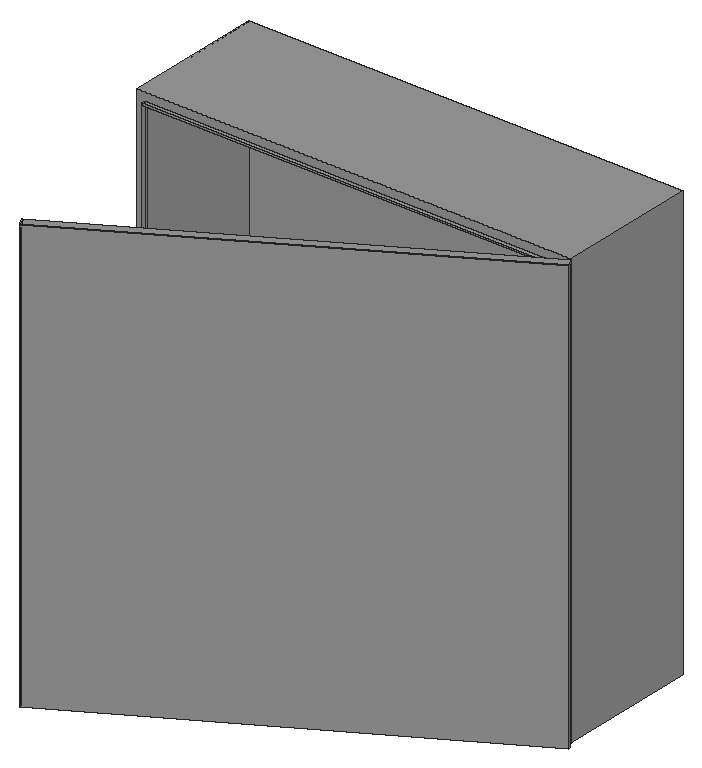
Revit family "Hager-Univers-IP55-D275-H800-Cl.I-Steel_encl-NoHosted-CH-en", category Equipement électrique, Revit 2020
Family settings
  Configuration du panneau = Deux colonnes, circuits au sein
  Cote de connecteur circulaire = Utiliser le diamètre
  Type d'élément = Tableau de raccordement
  Basée sur le plan de construction = Oui
  Toujours verticalement = Oui
  Couper avec des vides une fois chargée = Non
  Partagée = Non
  Point de calcul de pièce = Non
Parameters (values of type "Surface mounted (plaster) IP55 W800 H800 D275  - FR53E")
  Width Control [instance] = if([EF000008 - Width] > Min Width, [EF000008 - Width], Min Width)  # 800 mm
  Commentaires du type = [HG000003 - Range]  # "Univers"
  Thickness Door [instance] = if([EF009171 - Material plate thickness door/cover] > 3 mm, 3 mm, [EF009171 - Material plate thickness door/cover])  # 1.5 mm
  Seal Frame Offset [instance] = 17 mm  # constant formula
  Plinth Visibility [instance] = [HG000027 - Plinth height] > 0 mm  # no
  Min Width [instance] = 100 mm  # constant formula
  Min Depth [instance] = (2 * [EF009170 - Material plate thickness cabinet]) + 1 mm  # 4 mm
  Min Height [instance] = 100 mm  # constant formula
  Internal Frame Depth [instance] = (Door System Depth * 0.5)  # 9 mm
  Panel Name [instance] = ""  # (empty or 0)
  Model = ""
  HG000027 - Plinth height = 0 mm
  HG000026 - Floor standing = no
  HG000024 - Bottom section height = 600 mm
  HG000023 - Double section enclosure = no
  HG000016 - Door 3d visibility [instance] = yes
  HG000015 - Clearance visibility [instance] = no
  HG000014 - Door on the right [instance] = yes
  HG000013 - Door on the left [instance] = not([HG000014 - Door on the right])  # no
  HG000012 - Door swing angle [instance] = 30.00°
  HG000010 - Asymmetric doors = no
  HG000009 - Double swing door = no
  HG000006 - Flush mounted = no
  HG000004 - Manufacturer reference = "FR53E"
  HG000003 - Range = "Univers"
  HG000002 - With door or cover = yes
  Frame Offset Bottom [instance] = 10 mm  # constant formula
  Frame Offset [instance] = 15 mm  # constant formula
  EF015940 - Cover with overpressure release = no
  EF011959 - Degree of protection (NEMA) = ""
  EF009554 - Number of openings for flange plates = 6
  EF009212 - Cover model = "EV000116 - Closed"
  EF009171 - Material plate thickness door/cover = 1.5 mm
  EF009170 - Material plate thickness cabinet = 1.5 mm
  EF008873 - Nominal current (In) = 800 A
  EF007800 - Suitable for lightning protection = no
  EF006306 - With lock = no
  EF006244 - Transparent cover/door = no
  EF005474 - Degree of protection (IP) = "EV006420 - IP55"
  EF004464 - Type of door = "EV002646 - Single"
  EF004427 - Number of modules = 180
  EF004293 - Impact strength = "EV008784 - IK10"
  EF003532 - Suitable for outdoor use = no
  EF002950 - Width in number of modular spacings = 24
  EF001613 - Circuit integrity = "EV000494 - None"
  EF001596 - Material housing = "EV000179 - Steel"
  EF001131 - Internal depth = 275 mm
  EF001088 - Extension possible = yes
  EF000437 - Number of conduit inlets = 6
  EF000339 - Type of cover = "EV004216 - Door"
  EF000266 - Number of rows = 5
  EF000218 - Built-in depth = 0 mm
  EF000118 - With mounting plate = no
  EF000116 - RAL-number = "7035"
  EF000049 - Depth = 275 mm
  EF000040 - Height = 800 mm
  EF000008 - Width = 800 mm
  EF000007 - Colour = "EV000270 - Grey"
  EF000003 - Mounting method = "EV000384 - Surface mounted (plaster)"
  Door System Leaf Tolerance [instance] = 1.5 mm  # constant formula
  Door System Depth [instance] = 18 mm  # constant formula
  Door Height [instance] = Height Control - [HG000027 - Plinth height]  # 800 mm
  Description = ""
  Default Elevation = 1219.2 mm
  Connector Offset [instance] = Height Control / 2  # 400 mm
  Fabricant = "Hager"  # constant formula
  Height Control [instance] = if([EF000040 - Height] > Min Height, [EF000040 - Height], Min Height)  # 800 mm
  Depth Control [instance] = if([EF000049 - Depth] > Min Depth, [EF000049 - Depth], Min Depth)  # 275 mm
  Bottom Top Plate Trim [instance] = 1.5 mm  # constant formula
  Plinth height Ctrl [instance] = if([HG000027 - Plinth height] > 0 mm, [HG000027 - Plinth height], 12 mm)  # 12 mm
Types (5, lengths in mm): name | Width Control | HG000010 - Asymmetric doors | HG000009 - Double swing door | HG000004 - Manufacturer reference | EF009554 - Number of openings for flange plates | EF004464 - Type of door | EF004427 - Number of modules | EF000437 - Number of conduit inlets | EF000008 - Width
  Surface mounted (plaster) IP55 W1050 H800 D275  - FR54E | 1050 | no | yes | "FR54E" | 8 | "EV003602 - Double" | 240 | 8 | 1050
  Surface mounted (plaster) IP55 W1300 H800 D275  - FR55E | 1300 | yes | yes | "FR55E" | 10 | "EV003602 - Double" | 300 | 10 | 1300
  Surface mounted (plaster) IP55 W300 H800 D275  - FR51E | 300 | no | no | "FR51E" | 2 | "EV002646 - Single" | 60 | 2 | 300
  Surface mounted (plaster) IP55 W550 H800 D275  - FR52E | 550 | no | no | "FR52E" | 4 | "EV002646 - Single" | 120 | 4 | 550
  Surface mounted (plaster) IP55 W800 H800 D275  - FR53E | 800 | no | no | "FR53E" | 6 | "EV002646 - Single" | 180 | 6 | 800
Reference planes
  plane 1 "Center (Front/Back)": y = 0
  plane 2: z = 0
  plane 3 "Center (Left/Right)": x = 0
  plane 4: y = 0
  plane 5: y = 0
  plane 6: z = 0
  plane 7: x = -400
  plane 8: x = 400
  plane 9: x = 398.5
  plane 10: x = -398.5
  plane 11: z = 0
  plane 12: z = 1.5
  plane 13: y = -275
  plane 14: y = -1.5
  plane 15: x = 0
  plane 16: y = -257
  plane 17: y = -273.5
  plane 18: y = -255.5
  plane 19: x = -383.5
  plane 20: x = 383.5
  plane 21: z = 11.5
  plane 22: x = -383
  plane 23: x = 383
  plane 24: z = 0
  plane 25: z = 800
  plane 26: z = 800
  plane 27: z = 783.5
  plane 28: z = 798.5
Forms (mm)
  Extrusion 1, solid, material "Hager_Steel_RAL7035_Light_Grey", detail levels medium+fine
    sketch origin (-208.679, -4572, 0) x (-1, 0, 0) y (0, -1, 0)
      loop
        line (191.321, -4315) -> (-608.679, -4315) -> (-608.679, -4572) -> (191.321, -4572) -> (191.321, -4315)
    from 0 to 800
  Extrusion 2, void
    sketch origin (-350.771, -275, 1219.2) x (1, 0, 0) y (0, 0, 1)
      loop
        line (-47.729, -420.7) -> (-47.729, -1217.7) -> (749.271, -1217.7) -> (749.271, -420.7) -> (-47.729, -420.7)
    from -19.5 to -273.5
  Extrusion 3, void
    sketch origin (-290.084, -257, 1219.2) x (1, 0, 0) y (0, 0, 1)
      loop
        line (-93.416, -1207.7) -> (673.584, -1207.7) -> (673.584, -435.7) -> (-93.416, -435.7) -> (-93.416, -1207.7)
    from 0 to -1.5
  Extrusion 4, solid, material "Hager_Steel_RAL7035_Light_Grey", visible <- "Plinth Visibility", detail levels medium+fine
    sketch origin (0, 0, 0) x (1, 0, 0) y (0, 1, 0)
      loop
        line (-400, 0) -> (-400, -257) -> (400, -257) -> (400, 0) -> (-400, 0)
    from 0 to 12 <- "Plinth height Ctrl"
  Extrusion 5, solid, material "Hager_Steel_RAL7035_Light_Grey", detail levels coarse
    sketch origin (0, 0, 0) x (1, 0, 0) y (0, 1, 0)
      loop
        line (-400, 0) -> (-400, -275) -> (400, -275) -> (400, 0) -> (-400, 0)
    from 0 to 800 <- "Height Control"
  Sweep 6, void
    path in 3D
      loop
        line (-400, -257, 12) -> (400, -257, 12) -> (400, 0, 12) -> (-400, 0, 12) -> (-400, -257, 12)
    profile origin (-400, -128.5, 12) x (1, 0, 0) y (0, 0, 1)
      loop
        line (0, 0) -> (0, -1.5) -> (1.5, -1.5)
        arc (1.5, -1.5) -> (1.061, -0.439) -> (0, 0) r 1.5
  Extrusion 7, solid, material "Hager_Steel_RAL7035_Light_Grey", detail levels fine
    sketch origin (-400, -257, 0) x (1, 0, 0) y (0, 0, 1)
      loop
        line (16.5, 11.5) -> (783.5, 11.5) -> (783.5, 783.5) -> (16.5, 783.5) -> (16.5, 11.5)
      loop
        line (15, 10) -> (785, 10) -> (785, 785) -> (15, 785) -> (15, 10)
    from 0 to 9 <- "Internal Frame Depth"
Cuts and joins
  Extrusion 2, Extrusion 3 cuts Extrusion 1
  Sweep 6 cuts Extrusion 4
Lines and regions (mm)
  Masking region 1
    outline origin (0, 0, 0) x (1, 0, 0) y (0, 1, 0)
      loop
        line (-400, 0) -> (-400, -275) -> (400, -275) -> (400, 0) -> (-400, 0)
  Masking region 2, detail levels coarse
    outline origin (-290.084, -257, 1219.2) x (-1, 0, 0) y (0, 0, 1)
      loop
        line (-690.084, -1219.2) -> (109.916, -1219.2) -> (109.916, -419.2) -> (-690.084, -419.2) -> (-690.084, -1219.2)
  Masking region 3, detail levels coarse
    outline origin (0, 0, 0) x (0, 1, 0) y (0, 0, 1)
      loop
        line (0, 0) -> (0, 800) -> (-275, 800) -> (-275, 0) -> (0, 0)
  Masking region 4, visible <- "Plinth Visibility", detail levels medium+fine
    outline origin (0, 0, 0) x (0, 1, 0) y (0, 0, 1)
      loop
        line (-1.5, 12) -> (-255.5, 12)
        arc (-255.5, 12) -> (-255.939, 10.939) -> (-257, 10.5) r 1.5
        line (-257, 10.5) -> (-257, 0) -> (0, 0) -> (0, 10.5)
        arc (0, 10.5) -> (-1.061, 10.939) -> (-1.5, 12) r 1.5
  Masking region 5, detail levels medium+fine
    outline origin (0, 0, 594.038) x (0, 1, 0) y (0, 0, 1)
      loop
        line (0, -594.038) -> (0, 205.962) -> (-257, 205.962) -> (-257, -594.038) -> (0, -594.038)
  Masking region 6, detail levels medium+fine
    outline origin (-359.7, -257, 1211.883) x (-1, 0, 0) y (0, 0, 1)
      loop
        line (-759.7, -1211.883) -> (40.3, -1211.883) -> (40.3, -411.883) -> (-759.7, -411.883) -> (-759.7, -1211.883)
  Masking region 7, visible <- "Plinth Visibility", detail levels medium+fine
    outline origin (-320.334, -257, 1041.368) x (-1, 0, 0) y (0, 0, 1)
      loop
        line (-720.334, -1041.368) -> (79.666, -1041.368) -> (79.666, -1030.868)
        arc (79.666, -1030.868) -> (78.606, -1030.429) -> (78.166, -1029.368) r 1.5
        line (78.166, -1029.368) -> (-718.834, -1029.368)
        arc (-718.834, -1029.368) -> (-719.273, -1030.429) -> (-720.334, -1030.868) r 1.5
        line (-720.334, -1030.868) -> (-720.334, -1041.368)
  sketch lines
    curve 1: line (-400, 0, 12) -> (-400, -257, 12)
    curve 2: line (-400, -257, 12) -> (400, -257, 12)
    curve 3: line (400, 0, 12) -> (-400, 0, 12)
    curve 4: line (400, -257, 12) -> (400, 0, 12)
Dimensions and locks
  locked: plane 1 "Center (Front/Back)" to plane 5
  "EF009170 - Material plate thickness cabinet": plane 7 to plane 10
  "EF009170 - Material plate thickness cabinet": plane 8 to plane 9
  equal spacing: plane 7, plane 3 "Center (Left/Right)", plane 8
  "Width Control": plane 7 to plane 8
  "Depth Control": plane 4 to plane 13
  "EF009170 - Material plate thickness cabinet": plane 4 to plane 14
  "Height Control": plane 25 to level
  "HG000027 - Plinth height": plane 11 to level
  "EF009170 - Material plate thickness cabinet": plane 12 to plane 11
  "EF009170 - Material plate thickness cabinet": plane 17 to plane 13
  "EF009170 - Material plate thickness cabinet": plane 18 to plane 16
  "Frame Offset Bottom": plane 21 to plane 12
  "Frame Offset": plane 10 to plane 19
  "Frame Offset": plane 9 to plane 20
  "Door System Depth": plane 16 to plane 13
  "Seal Frame Offset": plane 7 to plane 22
  "Seal Frame Offset": plane 8 to plane 23
  "EF009170 - Material plate thickness cabinet": plane 26 to plane 28
  "Frame Offset": plane 28 to plane 27
  "Connector Offset": plane 2 to connector elem
  "Bottom Top Plate Trim": profile plane to Sweep 6 sketch curve
  "Bottom Top Plate Trim": Sweep 6 sketch curve to Sweep 6 sketch curve
  "Plinth height Ctrl": Masking region 4 sketch curve to level
  "Plinth height Ctrl": Masking region 7 sketch curve to level
  "Thickness Door": Extrusion 7 sketch curve to Extrusion 7 sketch curve  (x4)
  "Bottom Top Plate Trim": radius of Sweep 6 sketch curve
  "Bottom Top Plate Trim": radius of Masking region 4 sketch curve  (x2)
  "Bottom Top Plate Trim": radius of Masking region 7 sketch curve  (x2)
  aligned and locked: Extrusion 2 sketch curve to plane 12
  aligned and locked: Extrusion 2 sketch curve to plane 9
  aligned and locked: Extrusion 2 sketch curve to plane 10
  aligned and locked: Extrusion 2 to plane 14
  aligned and locked: Extrusion 1 sketch curve to plane 4
  aligned and locked: plane 8 to Extrusion 1 sketch curve
  aligned and locked: plane 7 to Extrusion 1 sketch curve
  aligned and locked: Extrusion 2 to plane 18
  aligned and locked: Extrusion 3 sketch curve to plane 19
  aligned and locked: plane 20 to Extrusion 3 sketch curve
  aligned and locked: Extrusion 3 to Extrusion 2
  aligned and locked: Extrusion 3 sketch curve to plane 21
  aligned and locked: plane 3 "Center (Left/Right)" to nested 1
  aligned and locked: Extrusion 1 sketch curve to plane 16
  aligned and locked: Extrusion 4 sketch curve to cut or joined group of Extrusion 1, Extrusion 2, Extrusion 3
  aligned and locked: Masking region 1 sketch curve to plane 7
  aligned and locked: Masking region 1 sketch curve to plane 5
  aligned and locked: Masking region 1 sketch curve to plane 8
  aligned and locked: Masking region 2 sketch curve to level
  aligned and locked: level to Masking region 3 sketch curve
  aligned and locked: plane 1 "Center (Front/Back)" to Masking region 3 sketch curve
  aligned and locked: plane 13 to Masking region 3 sketch curve
  aligned and locked: plane 5 to Masking region 4 sketch curve
  aligned and locked: Masking region 2 sketch curve to plane 8
  aligned and locked: Masking region 2 sketch curve to plane 7
  aligned and locked: plane 7 to nested 2
  aligned and locked: nested 2 to plane 5
  aligned and locked: plane 5 to Masking region 5 sketch curve
  aligned and locked: plane 26 to Masking region 5 sketch curve
  aligned and locked: Extrusion 5 sketch curve to plane 8
  aligned and locked: Extrusion 5 sketch curve to plane 7
  aligned and locked: Extrusion 5 sketch curve to plane 5
  aligned and locked: Extrusion 3 sketch curve to plane 27
  aligned and locked: Extrusion 2 sketch curve to plane 28
  aligned and locked: Masking region 2 to plane 25
  aligned and locked: Extrusion 4 to plane 16
  aligned and locked: profile plane to Sweep 6 sketch curve
  aligned and locked: Masking region 5 sketch curve to plane 24
  aligned and locked: level to Masking region 4 sketch curve
  aligned and locked: Masking region 1 to plane 13
  aligned and locked: nested 1 to plane 16
  aligned and locked: Masking region 3 to plane 25
  aligned and locked: plane 16 to Masking region 4 sketch curve
  aligned and locked: Masking region 5 sketch curve to plane 16
  aligned and locked: plane 24 to plane 11
  aligned and locked: plane 26 to plane 25
  aligned and locked: plane 26 to cut or joined group of Extrusion 1, Extrusion 2, Extrusion 3
  aligned and locked: nested 1 to plane 24
  aligned and locked: Extrusion 1 to Extrusion 3
  aligned and locked: Masking region 6 sketch curve to plane 8
  aligned and locked: Masking region 6 sketch curve to plane 24
  aligned and locked: Masking region 6 sketch curve to plane 7
  aligned and locked: Masking region 6 sketch curve to plane 26
  aligned and locked: Masking region 7 sketch curve to plane 7
  aligned and locked: level to Masking region 7 sketch curve
  aligned and locked: Masking region 7 sketch curve to plane 8
  aligned and locked: Extrusion 7 sketch curve to cut or joined group of Extrusion 1, Extrusion 2, Extrusion 3  (x4)
Automatic sketch dimensions
  plane 19 to Extrusion 3 sketch curve = 0 mm
  Extrusion 3 sketch curve to plane 20 = 0 mm
  Extrusion 3 sketch curve to plane 21 = 0 mm
  Extrusion 4 sketch curve to plane 7 = 0 mm
  Extrusion 4 sketch curve to plane 8 = 0 mm
  Extrusion 4 sketch curve to plane 16 = 0 mm
  Masking region 1 sketch curve to plane 13 = 0 mm
  Masking region 2 sketch curve to plane 25 = 0 mm
  Masking region 3 sketch curve to plane 25 = 0 mm
  Extrusion 5 sketch curve to plane 13 = 0 mm
  profile plane to Sweep 6 sketch curve = 0 mm
Nested families
  nested 1: "EC000058_Univers_Door" at (0, -257, 0), Double <- "HG000009 - Double swing door", Transparent <- "EF006244 - Transparent cover/door", Angle <- "HG000012 - Door swing angle", Door_Right <- "HG000014 - Door on the right", Assymetrical <- "HG000010 - Asymmetric doors", Door <- "HG000002 - With door or cover", Width_Ctrl <- "Width Control", 3d_Door <- "HG000016 - Door 3d visibility", Clearance <- "HG000015 - Clearance visibility", Door_Left <- "HG000013 - Door on the left", Width <- "Width Control", Door_Depth <- "Door System Depth", Leaf_Tolerance <- "Door System Leaf Tolerance", Height <- "Door Height", Lock_Visibility <- "EF006306 - With lock", Thickness <- "Thickness Door", type "EC000058_Univers_Door", detail levels medium+fine
    with min_wh 4 mm, Width_Ctrl 800 mm, Width 800 mm, Transparent no, Thickness 1.5 mm, Seal_Material Hager_Rubber, Lock_Visibility no, Lock_Material Hager_Plastic_RAL9005_Jet_Black, Leaf_Width 800 mm, Leaf_Tolerance_External_Sides 0 mm, Leaf_Tolerance 1.5 mm, Leaf_Offset 0 mm, Leaf_Height 797 mm, Leaf_2_Width 800 mm, Leaf_2_Offset 400 mm, Leaf_1_Width 800 mm, Leaf_1_Offset 400 mm, Height_Ctrl 800 mm, Height 800 mm, Glass_Material Hager_Glass, Double_Clearance_Ctrl no, Double no, Door_Right_Ctrl yes, Door_Right yes, Door_Material Hager_Steel_RAL7035_Light_Grey, Door_Left_Ctrl no, Door_Left no, Door_Depth 18 mm, Door yes, Clearance_Material Hager_Clearance, Clearance_Depth 800 mm, Clearance_Ctrl no, Clearance no, Assymetrical no, Angle 30.00°, 3d_Door yes
  nested 2: "Hager_Enclosure_Symbol" at (-400, 0, 0), Height <- "Depth Control", Width <- "Width Control", type "Hager_Enclosure_Symbol"
    with Width_Ctrl 800 mm, Width 800 mm, Height_Ctrl 275 mm, Height 275 mm, A_Width_Int 18.047 mm, A_Width 216.562 mm, A_Height_Ctrl 240.625 mm, A_Height 240.625 mm
Connectors
  electrical at (0, 0, 400)
    settings: on plane 1 "Center (Front/Back)", index 1, voltage 0 V, apparent load 0 VA, apparent load phase1 0 VA, apparent load phase2 0 VA, apparent load phase3 0 VA, power factor 1, load classification "Other", number of poles 1, system type 30, power factor state 1, is connector primary yes, connector utility no, sub classification motor no, connector description ""
Definition of nested family "EC000058_Univers_Door"
  Parameters (values of type "EC000058_Univers_Door")
    min_wh [instance] = (2 * Thickness) + 1 mm  # 11 mm
    Width_Ctrl [instance] = 400 mm
    Width [instance] = 500 mm
    Transparent [instance] = yes
    Thickness [instance] = 5 mm
    Seal_Material [instance] = none
    Lock_Visibility [instance] = yes
    Lock_Material [instance] = none
    Leaf_Width [instance] = if((Width_Ctrl - 2 * Leaf_Tolerance_External_Sides) > 0 mm, (Width_Ctrl - 2 * Leaf_Tolerance_External_Sides), min_wh)  # 400 mm
    Leaf_Tolerance_External_Sides [instance] = 0 mm  # constant formula
    Leaf_Tolerance [instance] = 1.5 mm
    Leaf_Offset [instance] = 0 mm  # constant formula
    Leaf_Height [instance] = if((Height_Ctrl - 2 * Leaf_Tolerance) > 0 mm, (Height_Ctrl - 2 * Leaf_Tolerance), min_wh)  # 497 mm
    Leaf_2_Width [instance] = if(and(and(Double, Assymetrical), Door_Left), (Leaf_Width / 3) - (Leaf_Tolerance / 2), if(and(and(Double, Assymetrical), Door_Right), (Leaf_Width / 3) * 2 - (Leaf_Tolerance / 2), if(and(Double, not(Assymetrical)), (Leaf_Width / 2) - Leaf_Tolerance, Leaf_Width)))  # 400 mm
    Leaf_2_Offset [instance] = if(and(Double, Assymetrical), Leaf_2_Width / 2, if(and(Double, not(Assymetrical)), Leaf_Width / 4, Leaf_Width / 2))  # 200 mm
    Leaf_1_Width [instance] = if(and(and(Double, Assymetrical), Door_Right), (Leaf_Width / 3) - (Leaf_Tolerance / 2), if(and(and(Double, Assymetrical), Door_Left), (Width / 3) * 2 - (Leaf_Tolerance / 2), if(and(Double, not(Assymetrical)), (Leaf_Width / 2) - Leaf_Tolerance, Leaf_Width)))  # 400 mm
    Leaf_1_Offset [instance] = if(and(Double, Assymetrical), Leaf_1_Width / 2, if(and(Double, not(Assymetrical)), Leaf_Width / 4, Leaf_Width / 2))  # 200 mm
    Height_Ctrl [instance] = if(Height > min_wh, Height, min_wh)  # 500 mm
    Height [instance] = 500 mm
    Glass_Material [instance] = none
    Double_Clearance_Ctrl [instance] = and(Double, Clearance)  # no
    Double [instance] = no
    Door_Right_Ctrl [instance] = and(or(Door_Right, Double), Door)  # yes
    Door_Right [instance] = yes
    Door_Material [instance] = none
    Door_Left_Ctrl [instance] = and(or(Door_Left, Double), Door)  # no
    Door_Left [instance] = no
    Door_Depth [instance] = 30 mm
    Door [instance] = yes
    Default Elevation = 1219.2 mm
    Clearance_Material [instance] = none
    Clearance_Depth [instance] = if(Leaf_1_Width > Leaf_2_Width, Leaf_1_Width, Leaf_2_Width)  # 400 mm
    Clearance_Ctrl [instance] = and(not(Double), Clearance)  # yes
    Clearance [instance] = yes
    Assymetrical [instance] = yes
    Angle [instance] = 30.00°
    3d_Door [instance] = yes
  Reference planes
    plane 1 "Center (Front/Back)": y = 0
    plane 2 "Bottom": z = 0
    plane 3 "Center (Left/Right)": x = 0
    plane 4: z = 500
    plane 5: x = -200
    plane 6: x = 200
    plane 7: z = 500
    plane 8: x = -200
    plane 9: z = 0
    plane 10: x = 200
    plane 11: y = 0
    plane 12: z = 1.5
    plane 13: x = -600
    plane 14: y = -400
    plane 15: x = 600
    plane 16: x = 0
    plane 17: x = 0
    plane 18: x = -200
    plane 19: x = 200
    plane 20: z = 498.5
  Forms (mm)
    Extrusion 1, solid, material <- "Clearance_Material", visible <- "Double_Clearance_Ctrl"
      sketch origin (1200, 0, 0) x (1, 0, 0) y (0, 0, -1)
        loop
          line (-1800, -498.5) -> (-600, -498.5) -> (-600, 0) -> (-1800, 0) -> (-1800, -498.5)
      from 0 to -400
  Dimensions and locks
    equal spacing: plane 5, plane 3 "Center (Left/Right)", plane 6
    "Width_Ctrl": plane 5 to plane 6
    "Leaf_Offset": plane 5 to plane 8
    "Leaf_Offset": plane 6 to plane 10
    "Leaf_Offset": plane 9 to level
    "Leaf_Offset": plane 4 to plane 7
    "Height_Ctrl": plane 4 to level
    "Leaf_Tolerance": plane 12 to plane 9
    locked: plane 11 to plane 1 "Center (Front/Back)"
    "Leaf_1_Offset": plane 18 to plane 16
    "Leaf_2_Offset": plane 17 to plane 19
    "Leaf_1_Width": plane 13 to plane 8
    "Leaf_2_Width": plane 10 to plane 15
    "Clearance_Depth": plane 14 to plane 1 "Center (Front/Back)"
    "Leaf_Tolerance_External_Sides": plane 8 to plane 18
    "Leaf_Tolerance_External_Sides": plane 19 to plane 10
    "Leaf_Tolerance": plane 7 to plane 20
    aligned and locked: level to plane 2 "Bottom"
    aligned and locked: nested 1 to plane 16
    aligned and locked: nested 2 to plane 17
    aligned and locked: Extrusion 1 to plane 13
    aligned and locked: plane 15 to Extrusion 1
    aligned and locked: Extrusion 1 to plane 14
    aligned and locked: plane 12 to nested 1
    aligned and locked: nested 2 to plane 12
    aligned and locked: Extrusion 1 to plane 11
    aligned and locked: plane 20 to Extrusion 1
    aligned and locked: nested 2 to plane 11
    aligned and locked: nested 1 to plane 11
  Automatic sketch dimensions
    Extrusion 1 sketch curve to level = 0 mm
    plane 5 to Extrusion 1 sketch curve = 400 mm
    plane 6 to Extrusion 1 sketch curve = 400 mm
    Extrusion 1 sketch curve to plane 4 = 1.5 mm
  Nested families
    nested 1: "EC000058_Univers_Door_Leaf" at (0, 0, 1.5), Width <- "Leaf_1_Width", visible <- "Door_Left_Ctrl", Leaf_Height <- "Leaf_Height", Angle <- "Angle", 3d_Door <- "3d_Door", Transparent <- "Transparent", Clearance Material <- "Clearance_Material", Clearance <- "Clearance_Ctrl", Door_Material <- "Door_Material", Glass_Material <- "Glass_Material", Door_Depth <- "Door_Depth", Lock_Material <- "Lock_Material", Seal_Material <- "Seal_Material", Lock_Visibility <- "Lock_Visibility", Thickness <- "Thickness", type "EC000058_Univers_Door_Leaf"
      with Width 400 mm, Transparent_Glass_Offset 30 mm, Transparent_Ctrl yes, Transparent yes, Thickness 5 mm, Standard no, Seal_Material none, Seal_D2 8 mm, Seal_D1 1 mm, Offset_Internal_Frame 10 mm, Lock_Width 20 mm, Lock_Visibility_3d yes, Lock_Visibility yes, Lock_Thickness_3 3 mm, Lock_Thickness_2 1 mm, Lock_Thickness_1 3 mm, Lock_Radius_Offset_2 16 mm, Lock_Radius_Offset_1 15 mm, Lock_Radius_2 5 mm, Lock_Radius 6 mm, Lock_Offset 5 mm, Lock_Material none, Lock_Height 80 mm, Lock_Cover_Top_Offset_2d 17 mm, Lock_Cover_Height -65 mm, Leaf_Height 497 mm, Internal_Seal_Thickness 8 mm, Internal_Seal_Depth_2 4.5 mm, Internal_Frame_Depth 25 mm, Glass_Thickness -1 mm, Glass_Offset -2 mm, Glass_Material none, Door_Material none, Door_Depth 30 mm, Clearance Material none, Clearance yes, Angle_Ctrl 30.00°, Angle 30.00°, 3d_Door yes
    nested 2: "EC000058_Univers_Door_Leaf" at (0, 0, 1.5) x (-1, 0, 0) z (0, 0, 1), Width <- "Leaf_2_Width", visible <- "Door_Right_Ctrl", Leaf_Height <- "Leaf_Height", Angle <- "Angle", 3d_Door <- "3d_Door", Transparent <- "Transparent", Clearance Material <- "Clearance_Material", Clearance <- "Clearance_Ctrl", Door_Material <- "Door_Material", Glass_Material <- "Glass_Material", Door_Depth <- "Door_Depth", Lock_Material <- "Lock_Material", Seal_Material <- "Seal_Material", Lock_Visibility <- "Lock_Visibility", Thickness <- "Thickness", type "EC000058_Univers_Door_Leaf"
      with Width 400 mm, Transparent_Glass_Offset 30 mm, Transparent_Ctrl yes, Transparent yes, Thickness 5 mm, Standard no, Seal_Material none, Seal_D2 8 mm, Seal_D1 1 mm, Offset_Internal_Frame 10 mm, Lock_Width 20 mm, Lock_Visibility_3d yes, Lock_Visibility yes, Lock_Thickness_3 3 mm, Lock_Thickness_2 1 mm, Lock_Thickness_1 3 mm, Lock_Radius_Offset_2 16 mm, Lock_Radius_Offset_1 15 mm, Lock_Radius_2 5 mm, Lock_Radius 6 mm, Lock_Offset 5 mm, Lock_Material none, Lock_Height 80 mm, Lock_Cover_Top_Offset_2d 17 mm, Lock_Cover_Height -65 mm, Leaf_Height 497 mm, Internal_Seal_Thickness 8 mm, Internal_Seal_Depth_2 4.5 mm, Internal_Frame_Depth 25 mm, Glass_Thickness -1 mm, Glass_Offset -2 mm, Glass_Material none, Door_Material none, Door_Depth 30 mm, Clearance Material none, Clearance yes, Angle_Ctrl 30.00°, Angle 30.00°, 3d_Door yes
  Definition of nested family "EC000058_Univers_Door_Leaf"
    Parameters (values of type "EC000058_Univers_Door_Leaf")
      Width [instance] = 2000 mm
      Transparent_Glass_Offset [instance] = 30 mm
      Transparent_Ctrl [instance] = and(Transparent, [3d_Door])  # yes
      Transparent [instance] = yes
      Thickness [instance] = 5 mm
      Standard [instance] = and(not(Transparent), [3d_Door])  # no
      Seal_Material [instance] = none
      Seal_D2 [instance] = 8 mm  # constant formula
      Seal_D1 [instance] = 1 mm  # constant formula
      Offset_Internal_Frame [instance] = 10 mm  # constant formula
      Lock_Width [instance] = 20 mm  # constant formula
      Lock_Visibility_3d [instance] = and(Lock_Visibility, [3d_Door])  # yes
      Lock_Visibility [instance] = yes
      Lock_Thickness_3 [instance] = 3 mm  # constant formula
      Lock_Thickness_2 [instance] = 1 mm  # constant formula
      Lock_Thickness_1 [instance] = 3 mm  # constant formula
      Lock_Radius_Offset_2 [instance] = Lock_Radius_Offset_1 + 1 mm  # 16 mm
      Lock_Radius_Offset_1 [instance] = 15 mm  # constant formula
      Lock_Radius_2 [instance] = Lock_Radius - 1 mm  # 5 mm
      Lock_Radius [instance] = 6 mm  # constant formula
      Lock_Offset [instance] = 5 mm  # constant formula
      Lock_Material [instance] = none
      Lock_Height [instance] = 80 mm  # constant formula
      Lock_Cover_Top_Offset_2d [instance] = Lock_Radius_Offset_2 + 1 mm  # 17 mm
      Lock_Cover_Height [instance] = -(Lock_Height - Lock_Radius_Offset_1)  # -65 mm
      Leaf_Height [instance] = 2720.336 mm
      Internal_Seal_Thickness [instance] = 8 mm  # constant formula
      Internal_Seal_Depth_2 [instance] = 4.5 mm  # constant formula
      Internal_Frame_Depth [instance] = if(Door_Depth - Thickness > 5 mm, Door_Depth - Thickness, 5 mm)  # 25 mm
      Glass_Thickness [instance] = if(Thickness > 15 mm, Glass_Offset + 10 mm, -1 mm)  # -1 mm
      Glass_Offset [instance] = if(Thickness > 15 mm, -(Thickness + 10 mm) / 2, -2 mm)  # -2 mm
      Glass_Material [instance] = none
      Door_Material [instance] = none
      Door_Depth [instance] = 30 mm
      Default Elevation = 0 mm
      Clearance Material [instance] = none
      Clearance [instance] = yes
      Angle_Ctrl [instance] = if(Angle > 180.00°, 180.00°, Angle)  # 90.00°
      Angle [instance] = 90.00°
      3d_Door [instance] = yes
    Reference planes
      plane 1 "Center (Front/Back)": y = 0
      plane 2: z = 0
      plane 3 "Center (Left/Right)": x = 0
      plane 4: y = 2000
      plane 5: x = -1000
      plane 6: x = 1000
      plane 7: x = -3000
      plane 8: z = 2720.336
      plane 9: z = 30
      plane 10: z = 2690.336
      plane 11: x = 970
      plane 12: x = -970
      plane 13: y = -3
      plane 14: z = 107.833
      plane 15: y = -5
      plane 16: y = -223.314
      plane 17: x = -1000
      plane 18: z = 1360.168
      plane 19: y = 30
    Forms (mm)
      Extrusion 1, solid, material <- "Clearance Material", visible <- "Clearance"
        sketch origin (0, 0, 0) x (1, 0, 0) y (0, 0, 1)
          loop
            line (-3000, 2720.336) -> (-3000, 0) -> (1000, 0) -> (1000, 2720.336) -> (-3000, 2720.336)
        from 0 to -2000
      Extrusion 2, solid, material <- "Door_Material", visible <- "Standard", detail levels medium+fine
        sketch origin (-1000, 0, 0) x (0, 1, 0) y (-1, 0, 0)
          loop
            line (0, 30) -> (0, 25) -> (2000, 25) -> (2000, 30) -> (0, 30)
        from 0 to 2720.336 <- "Leaf_Height"
      Extrusion 3, solid, material <- "Door_Material", visible <- "Transparent_Ctrl", detail levels medium+fine
        sketch origin (-1000, 0, 0) x (0, 1, 0) y (-1, 0, 0)
          loop
            line (0, 25) -> (2000, 25) -> (2000, 30) -> (0, 30) -> (0, 25)
        from 0 to 2720.336 <- "Leaf_Height"
      Extrusion 4, void
        sketch origin (-1025, 2000, 0) x (0, 1, 0) y (0, 0, -1)
          loop
            line (-30, -2690.336) -> (-30, -30) -> (-1970, -30) -> (-1970, -2690.336) -> (-30, -2690.336)
        from 0 to 5 <- "Thickness"
      Sweep 5, solid, material <- "Seal_Material", visible <- "Transparent_Ctrl", detail levels fine
        path in 3D
          loop
            line (-1025, 30, 30) -> (-1025, 30, 2690.336) -> (-1025, 1970, 2690.336) -> (-1025, 1970, 30) -> (-1025, 30, 30)
        profile origin (-1025, 1000, 30) x (1, 0, 0) y (0, 0, 1)
          loop
            line (0, 0) -> (0, -8) -> (1, -8) -> (1, 0) -> (0, 0)
      Extrusion 6, solid, material <- "Glass_Material", visible <- "Transparent_Ctrl", detail levels medium+fine
        sketch origin (-1030, 0, 0) x (0, 1, 0) y (0, 0, -1)
          loop
            line (1970, -2690.336) -> (1970, -30) -> (30, -30) -> (30, -2690.336) -> (1970, -2690.336)
        from -2 <- "Glass_Offset" to -1 <- "Glass_Thickness"
      Extrusion 7, solid, material <- "Door_Material", visible <- "3d_Door", detail levels medium+fine
        sketch origin (-1025, 2000, 0) x (0, -1, 0) y (0, 0, -1)
          loop
            line (0, -2720.336) -> (2000, -2720.336) -> (2000, 0) -> (0, 0) -> (0, -2720.336)
          loop
            line (1995, -5) -> (5, -5) -> (5, -2715.336) -> (1995, -2715.336) -> (1995, -5)
        from 0 to 25 <- "Internal_Frame_Depth"
      Sweep 8, solid, material <- "Seal_Material", visible <- "Transparent_Ctrl", detail levels fine
        path in 3D
          loop
            line (-1025, 0, 0) -> (-1025, 2000, 0) -> (-1025, 2000, 2720.336) -> (-1025, 0, 2720.336) -> (-1025, 0, 0)
        profile origin (-1025, 0, 1360.168) x (1, 0, 0) y (0, 1, 0)
          loop
            line (0, 10) -> (2.975, 10)
            arc (2.975, 10) -> (4.053, 10.447) -> (4.5, 11.525) r 1.525
            line (4.5, 11.525) -> (4.5, 16.527)
            arc (4.5, 16.527) -> (4.069, 17.569) -> (3.027, 18) r 1.473
            line (3.027, 18) -> (0, 18) -> (0, 10)
      Extrusion 9, solid, material <- "Lock_Material", visible <- "Lock_Visibility_3d", detail levels fine
        sketch origin (-1030, 0, 0) x (0, 1, 0) y (0, 0, -1)
          loop
            arc (1993.5, -1400.168) -> (1994.561, -1399.729) -> (1995, -1398.668) r 1.5
            line (1995, -1398.668) -> (1995, -1320.168) -> (1975, -1320.168) -> (1975, -1398.668)
            arc (1975, -1398.668) -> (1975.439, -1399.729) -> (1976.5, -1400.168) r 1.5
            line (1976.5, -1400.168) -> (1993.5, -1400.168)
        from 3 <- "Lock_Thickness_1" to 0
      Blend 10, solid, material <- "Lock_Material", visible <- "Lock_Visibility_3d", detail levels fine
        base sketch origin (-1033, 0, 0) x (0, 1, 0) y (0, 0, -1)
          loop
            line (1975, -1320.168) -> (1975, -1398.668)
            arc (1975, -1398.668) -> (1975.439, -1399.729) -> (1976.5, -1400.168) r 1.5
            line (1976.5, -1400.168) -> (1993.5, -1400.168)
            arc (1993.5, -1400.168) -> (1994.561, -1399.729) -> (1995, -1398.668) r 1.5
            line (1995, -1398.668) -> (1995, -1320.168) -> (1975, -1320.168)
        top sketch origin (-1033, 0, 0) x (0, 1, 0) y (0, 0, -1)
          loop
            line (1976, -1320.168) -> (1976, -1398.668)
            arc (1976, -1398.668) -> (1976.146, -1399.022) -> (1976.5, -1399.168) r 0.5
            line (1976.5, -1399.168) -> (1993.5, -1399.168)
            arc (1993.5, -1399.168) -> (1993.854, -1399.022) -> (1994, -1398.668) r 0.5
            line (1994, -1398.668) -> (1994, -1320.168) -> (1976, -1320.168)
        from 0 to 1 <- "Lock_Thickness_2"
      Blend 11, solid, material <- "Lock_Material", visible <- "Lock_Visibility_3d", detail levels fine
        base sketch origin (-1034, 0, 0) x (0, 1, 0) y (0, 0, -1)
          loop
            line (1978, -1320.168) -> (1978, -1384.168)
            arc (1978, -1384.168) -> (1985, -1391.168) -> (1992, -1384.168) r 7
            line (1992, -1384.168) -> (1992, -1320.168) -> (1978, -1320.168)
        top sketch origin (-1034, 0, 0) x (0, 1, 0) y (0, 0, -1)
          loop
            line (1991, -1320.168) -> (1979, -1320.168) -> (1979, -1383.168)
            arc (1979, -1383.168) -> (1985, -1389.168) -> (1991, -1383.168) r 6
            line (1991, -1383.168) -> (1991, -1320.168)
        from 0 to 3 <- "Lock_Thickness_3"
      Extrusion 12, solid, material <- "Lock_Material", visible <- "Lock_Visibility_3d", detail levels fine
        sketch origin (-1030, 1975, 1320.168) x (1, 0, 0) y (0, -1, 0)
          loop
            line (-7, -19) -> (-7, -1) -> (0, -1) -> (0, 0) -> (-8, 0) -> (-8, -20) -> (0, -20) -> (0, -19) -> (-7, -19)
        from 0 to -65 <- "Lock_Cover_Height"
      Extrusion 13, void
        sketch origin (-1038, 1995, 1320.168) x (-1, 0, 0) y (0, 0, -1)
          loop
            line (-5, -65) -> (0, -65) -> (-5, -60) -> (-5, -65)
        from 0 to 20 <- "Lock_Width"
      Extrusion 14, void
        sketch origin (-1038, 1975, 1320.168) x (0, -1, 0) y (0, 0, -1)
          loop
            circle (-10, -15.995) r 6
          loop
            circle (-10, -15.995) r 5
        from 0 to 2
      Extrusion 15, solid, material <- "Lock_Material", visible <- "Lock_Visibility_3d", detail levels medium
        sketch origin (-1030, 0, 0) x (0, 1, 0) y (0, 0, -1)
          loop
            arc (1993.5, -1400.168) -> (1994.561, -1399.729) -> (1995, -1398.668) r 1.5
            line (1995, -1398.668) -> (1995, -1320.168) -> (1975, -1320.168) -> (1975, -1398.668)
            arc (1975, -1398.668) -> (1975.439, -1399.729) -> (1976.5, -1400.168) r 1.5
            line (1976.5, -1400.168) -> (1993.5, -1400.168)
        from 8 to 0
    Cuts and joins
      Extrusion 4 cuts Extrusion 3
      Extrusion 13, Extrusion 14 cuts Extrusion 9
      Extrusion 14 cuts Blend 11
      Extrusion 13, Extrusion 14 cuts Extrusion 12
      joined: Extrusion 9, Blend 10, Blend 11, Extrusion 12
      Extrusion 14 cuts Extrusion 15
    Lines and regions (mm)
      Masking region 1, visible <- "Lock_Visibility", detail levels fine
        outline origin (0, 0, 0) x (0, 1, 0) y (0, 0, 1)
          loop
            line (30, 1320.168) -> (33, 1320.168) -> (33, 1400.168) -> (30, 1400.168) -> (30, 1320.168)
      Masking region 2, visible <- "Lock_Visibility", detail levels fine
        outline origin (0, 3.143, 0) x (0, 1, 0) y (0, 0, 1)
          loop
            line (29.857, 1354.168) -> (30.857, 1354.168) -> (30.857, 1366.168) -> (29.857, 1366.168) -> (29.857, 1354.168)
      Masking region 3, detail levels medium+fine
        outline origin (0, 0, 0) x (0, 1, 0) y (0, 0, 1)
          loop
            line (0, 0) -> (30, 0) -> (30, 2720.336) -> (0, 2720.336) -> (0, 0)
      Masking region 4, detail levels medium+fine
        outline origin (0, 0, 0) x (1, 0, 0) y (0, 0, 1)
          loop
            line (-1000, 2720.336) -> (-1000, 0) -> (1000, 0) -> (1000, 2720.336) -> (-1000, 2720.336)
      Masking region 5, visible <- "Lock_Visibility", detail levels fine
        outline origin (-47.116, 0, 0) x (1, 0, 0) y (0, 0, 1)
          loop
            arc (1024.616, 1399.168) -> (1023.556, 1398.729) -> (1023.116, 1397.668) r 1.5
            line (1023.116, 1397.668) -> (1023.116, 1320.168) -> (1041.116, 1320.168) -> (1041.116, 1397.668)
            arc (1041.116, 1397.668) -> (1040.677, 1398.729) -> (1039.616, 1399.168) r 1.5
            line (1039.616, 1399.168) -> (1024.616, 1399.168)
      Masking region 6, visible <- "Lock_Visibility", detail levels medium+fine
        outline origin (-25, 0, 0) x (1, 0, 0) y (0, 0, 1)
          loop
            arc (1001.5, 1400.168) -> (1000.439, 1399.729) -> (1000, 1398.668) r 1.5
            line (1000, 1398.668) -> (1000, 1320.168) -> (1020, 1320.168) -> (1020, 1398.668)
            arc (1020, 1398.668) -> (1019.561, 1399.729) -> (1018.5, 1400.168) r 1.5
            line (1018.5, 1400.168) -> (1001.5, 1400.168)
      Masking region 7, visible <- "Lock_Visibility", detail levels fine
        outline origin (-73.735, 0, 0) x (1, 0, 0) y (0, 0, 1)
          loop
            line (1051.735, 1382.168) -> (1065.735, 1382.168) -> (1065.735, 1384.168)
            arc (1065.735, 1384.168) -> (1058.735, 1391.168) -> (1051.735, 1384.168) r 7
            line (1051.735, 1384.168) -> (1051.735, 1382.168)
      Masking region 8, visible <- "Lock_Visibility", detail levels fine
        outline origin (-73.735, 0, 0) x (1, 0, 0) y (0, 0, 1)
          loop
            line (1052.735, 1382.168) -> (1064.735, 1382.168) -> (1064.735, 1383.168)
            arc (1064.735, 1383.168) -> (1058.735, 1389.168) -> (1052.735, 1383.168) r 6
            line (1052.735, 1383.168) -> (1052.735, 1382.168)
      Masking region 9, visible <- "Lock_Visibility", detail levels fine
        outline origin (-25, 0, 0) x (1, 0, 0) y (0, 0, 1)
          loop
            line (1020, 1320.168) -> (1020, 1382.168) -> (1000, 1382.168) -> (1000, 1320.168) -> (1020, 1320.168)
      Masking region 10, detail levels medium+fine
        outline origin (0, 0, 0) x (1, 0, 0) y (0, 0, 1)
          loop
            circle (985, 1335.144) r 6
      Masking region 11, detail levels fine
        outline origin (0, 0, 0) x (1, 0, 0) y (0, 0, 1)
          loop
            circle (985, 1335.144) r 5
      Masking region 12, visible <- "Lock_Visibility", detail levels fine
        outline origin (0, 12.767, 0) x (0, 1, 0) y (0, 0, 1)
          loop
            line (20.233, 1320.168) -> (21.233, 1320.168) -> (21.233, 1399.168) -> (20.233, 1400.168) -> (20.233, 1320.168)
      Masking region 13, visible <- "Lock_Visibility", detail levels fine
        outline origin (0, 13.767, -10) x (0, 1, 0) y (0, 0, 1)
          loop
            line (20.233, 1330.168) -> (23.233, 1330.168) -> (23.233, 1399.168) -> (20.233, 1402.168) -> (20.233, 1330.168)
      Masking region 14, visible <- "Lock_Visibility", detail levels fine
        outline origin (0, 12.767, -10) x (0, 1, 0) y (0, 0, 1)
          loop
            line (20.233, 1330.168) -> (25.233, 1330.168) -> (25.233, 1399.305) -> (20.233, 1394.305) -> (20.233, 1330.168)
      Masking region 15, visible <- "Lock_Visibility", detail levels medium
        outline origin (0, 0, 0) x (0, 1, 0) y (0, 0, 1)
          loop
            line (30, 1320.168) -> (38, 1320.168) -> (38, 1400.168) -> (30, 1400.168) -> (30, 1320.168)
      Masking region 16, visible <- "Lock_Visibility", detail levels fine
        outline origin (-1000, 0, 0) x (0, 1, 0) y (-1, 0, 0)
          loop
            line (1975, 30) -> (1995, 30) -> (1995, 38) -> (1975, 38) -> (1975, 30)
          loop
            line (1979, 37) -> (1976, 37) -> (1976, 34) -> (1978, 34) -> (1979, 37)
          loop
            line (1994, 37) -> (1991, 37) -> (1992, 34) -> (1994, 34) -> (1994, 37)
      Masking region 17, visible <- "Lock_Visibility", detail levels medium
        outline origin (-1000, 0, 0) x (0, 1, 0) y (-1, 0, 0)
          loop
            line (1975, 30) -> (1995, 30) -> (1995, 38) -> (1975, 38) -> (1975, 30)
      symbolic lines
        curve 1: line (1000, 0, 0) -> (-3000, 0, 0)
        curve 2: arc (1000, 0, 0) -> (-1000, 2000, 0) -> (-3000, 0, 0) r 2000
        curve 4: line (-1030, 0, 0) -> (-1030, 2000, 0)
      reference lines
        curve 3: line (-1000, 0, 0) -> (-1000, 2000, 0)
      symbolic lines, detail levels medium+fine
        curve 5: line (-1030, 2000, 0) -> (-1025, 2000, 0)
        curve 7: line (-1025, 0, 0) -> (-1030, 0, 0)
        curve 8: line (-1025, 0, 0) -> (-1000, 0, 0)
        curve 9: line (-1000, 0, 0) -> (-1000, 2000, 0)
        curve 10: line (-1000, 2000, 0) -> (-1025, 2000, 0)
      symbolic lines, detail levels fine
        curve 6: line (-1025, 2000, 0) -> (-1025, 0, 0)
      sketch lines
        curve 11: line (-1025, 0, 2720.336) -> (-1025, 0, 0)
        curve 12: line (-1025, 2000, 0) -> (-1025, 0, 0)
        curve 13: line (-1025, 2000, 2720.336) -> (-1025, 2000, 0)
        curve 14: line (-1025, 0, 2720.336) -> (-1025, 2000, 2720.336)
        curve 15: line (-1025, 1970, 30) -> (-1025, 30, 30)
        curve 16: line (-1025, 30, 30) -> (-1025, 30, 2690.336)
        curve 17: line (-1025, 1970, 2690.336) -> (-1025, 1970, 30)
        curve 18: line (-1025, 30, 2690.336) -> (-1025, 1970, 2690.336)
      symbolic lines, visible <- "Transparent", detail levels medium+fine
        curve 19: line (-970, 0, 2690.336) -> (970, 0, 2690.336)
        curve 20: line (-970, 0, 30) -> (-970, 0, 2690.336)
        curve 21: line (970, 0, 30) -> (-970, 0, 30)
        curve 22: line (970, 0, 2690.336) -> (970, 0, 30)
    Dimensions and locks
      "Width": plane 1 "Center (Front/Back)" to plane 4
      equal spacing: plane 5, plane 3 "Center (Left/Right)", plane 6
      "Width": plane 5 to plane 6
      "Width": plane 7 to plane 5
      "Leaf_Height": plane 8 to level
      "Width": curve 5 to curve 3
      "Width": curve 3 to curve 3
      plane 8 to plane 10 = 30 mm
      plane 9 to level = 30 mm
      plane 12 to plane 5 = 30 mm
      plane 6 to plane 11 = 30 mm
      Extrusion 1 to Extrusion 4 sketch curve = 30 mm
      "Transparent_Glass_Offset": curve 3 to Extrusion 4 sketch curve
      "Transparent_Glass_Offset": Extrusion 4 sketch curve to cut or joined group of Extrusion 3, Extrusion 4  (x2)
      cut or joined group of Extrusion 3, Extrusion 4 to Extrusion 6 sketch curve = 30 mm
      "Transparent_Glass_Offset": cut or joined group of Extrusion 3, Extrusion 4 to Extrusion 4 sketch curve
      "Thickness": curve 6 to curve 4
      "Thickness": Extrusion 7 sketch curve to Extrusion 7 sketch curve  (x4)
      "Door_Depth": curve 4 to curve 3
      "Offset_Internal_Frame": profile plane to Sweep 8 sketch curve
      "Internal_Seal_Thickness": Sweep 8 sketch curve to Sweep 8 sketch curve
      "Internal_Seal_Depth_2": profile plane to Sweep 8 sketch curve
      "Seal_D1": profile plane to Sweep 5 sketch curve
      "Seal_D2": profile plane to Sweep 5 sketch curve
      "Thickness": Extrusion 2 sketch curve to Extrusion 2 sketch curve
      equal spacing: Extrusion 9 sketch curve, plane 18, Extrusion 9 sketch curve  (x2)
      equal spacing: Masking region 1 sketch curve, plane 18, Masking region 1 sketch curve
      "Lock_Height": Masking region 1 sketch curve to Masking region 1 sketch curve
      "Lock_Radius": Masking region 2 sketch curve to plane 18 to Masking region 2 sketch curve
      Masking region 2 sketch curve to Masking region 1 = 1 mm
      "Door_Depth": plane 19 to plane 1 "Center (Front/Back)"
      "Lock_Thickness_1": Masking region 1 sketch curve to plane 19
      "Lock_Width": Extrusion 9 sketch curve to Extrusion 9 sketch curve
      "Lock_Height": Extrusion 9 sketch curve to Extrusion 9 sketch curve
      "Lock_Offset": cut or joined group of Extrusion 3, Extrusion 4 to Extrusion 9 sketch curve
      equal spacing: plane 8, plane 18, level
      "Lock_Radius_Offset_1": Blend 11 sketch curve to Blend 10
      locked: Blend 10 to Blend 11 sketch curve at 2  (x2)
      locked: var sketch to Blend 11 sketch curve at 1  (x2)
      "Lock_Radius_Offset_2": Blend 11 sketch curve to Blend 10
      locked: Extrusion 12 sketch curve to Extrusion 12 sketch curve at 1  (x3)
      Masking region 6 sketch curve to Masking region 6 sketch curve = 80 mm
      "Lock_Height": Masking region 6 sketch curve to Masking region 6 sketch curve
      "Lock_Width": Masking region 6 sketch curve to Masking region 6 sketch curve
      locked: Masking region 6 to Masking region 5 sketch curve at 1  (x3)
      locked: Masking region 5 to Masking region 7 sketch curve at 2  (x2)
      "Lock_Radius_Offset_1": Masking region 5 to Masking region 7 sketch curve
      "Lock_Radius_Offset_2": Masking region 5 to Masking region 8 sketch curve
      locked: Masking region 7 to Masking region 8 sketch curve at 1  (x2)
      "Lock_Cover_Top_Offset_2d": Masking region 5 to Masking region 9 sketch curve
      equal spacing: Masking region 9, Masking region 10 sketch curve, Masking region 9
      equal spacing: Masking region 9, Masking region 11 sketch curve, Masking region 9
      Extrusion 15 sketch curve to Extrusion 15 sketch curve = 80 mm
      "Lock_Width": Extrusion 15 sketch curve to Extrusion 15 sketch curve
      "Lock_Height": Extrusion 15 sketch curve to Extrusion 15 sketch curve
      equal spacing: Extrusion 15 sketch curve, plane 18, Extrusion 15 sketch curve
      "Lock_Thickness_3": Masking region 13 sketch curve to Masking region 13 sketch curve
      "Lock_Height": Masking region 12 sketch curve to Masking region 12 sketch curve
      locked: Masking region 13 sketch curve to Masking region 1 at 8
      locked: Masking region 14 sketch curve to Masking region 13 at 1
      locked: Masking region 14 sketch curve to Masking region 1 at 10.863
      "Lock_Height": Masking region 15 sketch curve to Masking region 15 sketch curve
      "Lock_Offset": Extrusion 15 sketch curve to cut or joined group of Extrusion 3, Extrusion 4
      "Lock_Offset": plane 6 to Masking region 6 sketch curve
      radius of Sweep 8 sketch curve = 1.525 mm
      radius of Sweep 8 sketch curve = 1.473 mm
      radius of Extrusion 9 sketch curve = 1.5 mm  (x2)
      "Lock_Radius": radius of Extrusion 14 sketch curve
      "Lock_Radius_2": radius of Extrusion 14 sketch curve
      "Lock_Radius": radius of Masking region 10 sketch curve
      "Lock_Radius_2": radius of Masking region 11 sketch curve
      radius of Extrusion 15 sketch curve = 1.5 mm  (x2)
      "Angle_Ctrl": angle plane 1 "Center (Front/Back)" to curve 3
      locked: Masking region 12 sketch curve to Masking region 12 sketch curve (angle 45.00°)
      locked: Masking region 13 sketch curve to Masking region 13 sketch curve (angle 45.00°)
      locked: Masking region 14 sketch curve to Masking region 14 sketch curve (angle 45.00°)
      aligned and locked: level to plane 2
      aligned and locked: Extrusion 1 to curve 1
      aligned and locked: plane 6 to Extrusion 1
      aligned and locked: Extrusion 1 to plane 1 "Center (Front/Back)"
      aligned and locked: plane 4 to Extrusion 1
      aligned and locked: plane 8 to Extrusion 1
      aligned and locked: curve 7 to Extrusion 2 sketch curve
      aligned and locked: curve 5 to Extrusion 2 sketch curve
      aligned and locked: curve 7 to Extrusion 3 sketch curve
      aligned and locked: Extrusion 3 sketch curve to curve 4
      aligned and locked: Extrusion 3 sketch curve to curve 6
      aligned and locked: Extrusion 3 sketch curve to curve 5
      aligned and locked: curve 9 to curve 3
      aligned and locked: Extrusion 7 sketch curve to cut or joined group of Extrusion 3, Extrusion 4  (x4)
      aligned and locked: plane 17 to curve 3
      aligned and locked: plane 1 "Center (Front/Back)" to curve 3
      aligned and locked: plane 17 to plane 5
      aligned and locked: Sweep 8 sketch curve to profile plane
      aligned and locked: Sweep 5 sketch curve to profile plane  (x2)
      aligned and locked: Masking region 1 to Masking region 2 sketch curve
      aligned and locked: plane 19 to Masking region 1 sketch curve
      aligned and locked: plane 1 "Center (Front/Back)" to Masking region 3 sketch curve
      aligned and locked: plane 19 to Masking region 3 sketch curve
      aligned and locked: level to Masking region 3 sketch curve
      aligned and locked: Masking region 3 sketch curve to plane 8
      aligned and locked: plane 17 to Masking region 4 sketch curve
      aligned and locked: level to Masking region 4 sketch curve
      aligned and locked: Masking region 4 sketch curve to plane 8
      aligned and locked: plane 12 to curve 20
      aligned and locked: plane 10 to curve 19
      aligned and locked: plane 11 to curve 22
      aligned and locked: curve 21 to plane 9
      aligned and locked: Extrusion 2 sketch curve to cut or joined group of Extrusion 3, Extrusion 4
      aligned and locked: Blend 10 sketch curve to Extrusion 9  (x4)
      aligned and locked: Extrusion 9 to Blend 10 sketch curve
      aligned and locked: Blend 10 to Blend 11 sketch curve
      aligned and locked: Extrusion 12 sketch curve to Blend 11
      aligned and locked: Extrusion 12 sketch curve to Extrusion 9  (x4)
      aligned and locked: Masking region 5 sketch curve to Masking region 6
      aligned and locked: Masking region 9 sketch curve to Masking region 6  (x3)
      aligned and locked: Masking region 12 sketch curve to Masking region 1
      aligned and locked: Masking region 13 sketch curve to Masking region 1
      aligned and locked: Masking region 12 to Masking region 14
      aligned and locked: Masking region 14 sketch curve to Masking region 1
      aligned and locked: Masking region 15 sketch curve to Masking region 14
      aligned and locked: Masking region 13 sketch curve to Masking region 12
      aligned and locked: Masking region 16 sketch curve to cut or joined group of Extrusion 14, Extrusion 15  (x4)
      aligned and locked: Masking region 16 sketch curve to cut or joined group of Extrusion 9, Blend 10, Blend 11, Extrusion 12, Extrusion 13, Extrusion 14  (x6)
      aligned and locked: cut or joined group of Extrusion 9, Blend 10, Blend 11, Extrusion 12, Extrusion 13, Extrusion 14 to Masking region 16 sketch curve
      aligned and locked: Masking region 17 sketch curve to cut or joined group of Extrusion 14, Extrusion 15  (x3)
      aligned and locked: Masking region 17 sketch curve to cut or joined group of Extrusion 9, Blend 10, Blend 11, Extrusion 12, Extrusion 13, Extrusion 14
      aligned and locked: Masking region 9 to Masking region 8 sketch curve
      aligned and locked: Masking region 9 to Masking region 7 sketch curve
    Automatic sketch dimensions
      plane 1 "Center (Front/Back)" to curve 2 = 0 mm
      curve 2 to plane 5 = 0 mm
      Extrusion 1 sketch curve to level = 0 mm
      Extrusion 1 sketch curve to plane 7 = 0 mm
      Extrusion 1 sketch curve to plane 6 = 0 mm
      Extrusion 1 sketch curve to plane 8 = 0 mm
      Extrusion 3 to Extrusion 6 sketch curve = 30 mm  (x4)
      Masking region 4 sketch curve to plane 6 = 0 mm
      Blend 10 sketch curve to Extrusion 9 = 1.5 mm
      Blend 10 sketch curve to Extrusion 9 = 1 mm
      Extrusion 13 sketch curve to Extrusion 12 = 0 mm  (x2)
      Extrusion 12 to Extrusion 13 sketch curve = 3 mm
      Extrusion 13 sketch curve to Extrusion 12 = 5 mm
      Extrusion 14 sketch curve to Extrusion 14 sketch curve = 0 mm  (x2)
      Extrusion 14 sketch curve to Extrusion 12 = 10 mm
      Extrusion 14 sketch curve to Extrusion 12 = 15.995 mm
      Masking region 5 sketch curve to Masking region 5 sketch curve = 1.5 mm  (x2)
      Masking region 10 sketch curve to plane 18 = 25.024 mm
      Masking region 11 sketch curve to plane 18 = 25.024 mm
      plane 19 to Masking region 14 sketch curve = 3 mm
      Masking region 16 sketch curve to Masking region 16 sketch curve = 3 mm
      curve 4 to curve 3 = 0 mm
      Blend 10 to Blend 11 sketch curve = 0 mm
      Masking region 6 sketch curve to Masking region 6 sketch curve = 1.5 mm  (x2)
      Masking region 6 sketch curve to plane 18 = 40 mm
      plane 19 to Masking region 12 sketch curve = 3 mm
      Masking region 12 sketch curve to Masking region 12 sketch curve = 1 mm
      Masking region 15 sketch curve to plane 19 = 0 mm
      Masking region 15 sketch curve to plane 18 = 40 mm
      radius of Blend 10 sketch curve to Extrusion 9 = 1 mm
Definition of nested family "Hager_Enclosure_Symbol"
  Parameters (values of type "Hager_Enclosure_Symbol")
    Width_Ctrl [instance] = if(Width > 1 mm, Width, 1 mm)  # 102.27 mm
    Width [instance] = 102.27 mm
    Height_Ctrl [instance] = if(Height > 1 mm, Height, 1 mm)  # 66.5 mm
    A_Width_Int [instance] = if(A_Width / 12 > 2 mm, A_Width / 12, 2 mm)  # 4.364 mm
    A_Width [instance] = if(A_Height_Ctrl * 0.9 > 2 mm, A_Height_Ctrl * 0.9, 2 mm)  # 52.369 mm
    A_Height_Ctrl [instance] = if(A_Height > 2 mm, A_Height, 2 mm)  # 58.188 mm
    Height [instance] = 66.5 mm
    A_Height [instance] = Height - (Height / 8)  # 58.188 mm
  Reference planes
    plane 1 "Centre (avant/arrière)": y = 0
    plane 2: z = 0
    plane 3 "Centre (gauche/droite)": x = 0
    plane 4: x = 52.369
    plane 5: y = 33.042
    plane 6: y = 41.77
    plane 7: y = 66.5
    plane 8: x = 26.184
    plane 9: y = 37.406
    plane 10: x = 102.27
    plane 11: y = 66.5
    plane 12: y = 8.313
  Lines and regions (mm)
    Filled region 1, type "Solid_Black", in view "Niveau de réf."
      outline origin (0, 0, 0) x (1, 0, 0) y (0, 1, 0)
        loop
          line (52.369, 66.5) -> (33.188, 54.536) -> (45.365, 45.006) -> (52.369, 66.5)
    Filled region 2, type "Solid_Black", in view "Niveau de réf."
      outline origin (0, 0, 0) x (1, 0, 0) y (0, 1, 0)
        loop
          line (0, 0) -> (102.27, 0) -> (102.27, 66.5) -> (0, 0)
    detail lines, in view "Niveau de réf."
      curve 1: line (0, 8.313, 0) -> (26.184, 41.77, 0)
      curve 2: line (26.184, 41.77, 0) -> (26.184, 33.042, 0)
      curve 3: line (26.184, 33.042, 0) -> (52.369, 66.5, 0)
  Dimensions and locks
    "A_Width": plane 3 "Centre (gauche/droite)" to plane 4
    equal spacing: plane 3 "Centre (gauche/droite)", plane 8, plane 4
    equal spacing: plane 6, plane 9, plane 5
    equal spacing: curve 3, Filled region 1 sketch curve, Filled region 1 sketch curve
    "Height_Ctrl": plane 1 "Centre (avant/arrière)" to plane 11
    "A_Height_Ctrl": plane 11 to plane 12
    equal spacing: plane 11, plane 9, plane 12
    "A_Width_Int": plane 6 to plane 9
    "Width_Ctrl": plane 3 "Centre (gauche/droite)" to plane 10
    angle Filled region 1 sketch curve to curve 3 = 20.00°
    angle curve 3 to Filled region 1 sketch curve = 20.00°
    locked: curve 3 to Filled region 1 sketch curve (angle 90.00°)
    aligned and locked: plane 10 to Filled region 2
    aligned and locked: plane 11 to Filled region 2 sketch curve
    aligned and locked: plane 10 to Filled region 2 sketch curve
    aligned and locked: plane 3 "Centre (gauche/droite)" to curve 1
    aligned and locked: plane 12 to curve 1
    aligned and locked: plane 7 to plane 11
  Automatic sketch dimensions
    Filled region 1 sketch curve to plane 4 = 0 mm
    Filled region 1 sketch curve to plane 7 = 0 mm
    plane 1 "Centre (avant/arrière)" to Filled region 2 sketch curve = 0 mm
    Filled region 2 sketch curve to plane 3 "Centre (gauche/droite)" = 0 mm
    curve 2 to plane 6 = 0 mm
    curve 2 to plane 8 = 0 mm
    curve 3 to plane 4 = 0 mm
    curve 2 to plane 5 = 0 mm
    curve 3 to plane 7 = 0 mm
